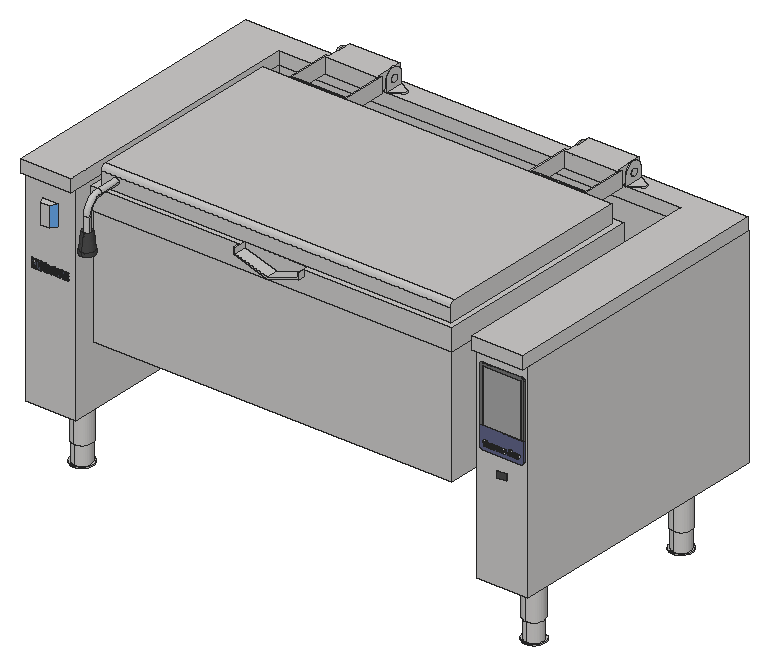
Revit family "QF_ELECTROLUXPROFESSIONAL_587126_PFET17ECIO", category Attrezzature speciali, Revit 2020
Family settings
  Quota connettore circolare = Usa diametro
  Tipo di parte = Normale
  Basato su piano di lavoro = No
  Sempre verticale = Sì
  Taglio con vuoti quando caricato = No
  Condiviso = No
  Punto di calcolo locali = No
Parameters (values of type "Standard")
  Weight = 300.00 kg
  Watts = 20600 W
  Volts = 440 V
  URL Manufacturer = "https://www.electroluxprofessional.com/"
  URL = "https://www.electroluxprofessional.com/"
  Steam Supply Size = 0 mm
  Steam Supply Minimum Pressure = 0.0 Pa
  Steam Supply Maximum Pressure = 0.0 Pa
  Steam Consumption per Hour = 0
  Refrigeration Suction Line Size = 0.0 mm
  Refrigeration Liquid Line Size = 0.0 mm
  Refrigerant Compressor Remote = yes
  Prospetto di default = 0.0 mm
  Produttore = "Electrolux Professional"
  Phase = 3
  Modello = "PFET17ECIO"
  Length Actual = 1600.0 mm  # constant formula
  Item Number = "587126"
  Hot Water Size = 12.7 mm
  Height Actual = 700.0 mm  # constant formula
  HP = "27.6 HP"
  Gas Size = 0 mm
  Gas KW = 0
  Gas Input Pressure = 0 W
  Direct Waste Size = 0 mm
  Descrizione = "ELECTRIC TILTING BRAISING PAN, 170L,440V,FS,MARINE"
  Depth Actual = 900.0 mm  # constant formula
  Cycle = 50 Hz
  Condensate Return Size = 0 mm
  Compressed Air Volume = 0.0 L/s
  Compressed Air Size = 0 mm
  Compressed Air Pressure = 0.0 Pa
  Cold Water Size = 12.7 mm
  Accessory = yes
Reference planes
  plane 1 "Center (Front/Back)": y = 0
  plane 2: z = 0
  plane 3 "Center (Left/Right)": x = 0
  plane 4 "LEFT": x = -800
  plane 5 "RIGHT": x = 800
  plane 6 "BACK": y = 450
  plane 7 "FRONT": y = -450
  plane 8 "Base": z = 200
  plane 9 "TOP": z = 900
  plane 10: x = -640
  plane 11: x = 640
  plane 12 "Axe_PentolaY": y = -230
  plane 13 "AxePentolaZ": z = 730
  plane 14 "PLANE_TOP": z = 860
  plane 15: y = 380
  plane 16: z = 833
  plane 17: z = 455
  plane 18: z = 293
  plane 19: y = -470
  plane 20 "CentroPentolaY": y = -158
  plane 21 "TopCoperchio": z = 958
  plane 22 "Versamento": z = 910
  plane 23 "Gfront": y = -1300
  plane 24 "GRight": x = 250
  plane 25 "GLeft": x = -250
  plane 26 "Gback": y = -100
  plane 27: z = 1845
  plane 28 "Ribaltamento": y = -521
  plane 29 "AxeL": x = -720
  plane 30 "AxeR": x = 720
  plane 31 "Pentola_Back": y = 226
  plane 32 "Pentola_L": x = -570.5
  plane 33 "Pentola_R": x = 570.5
  plane 34: x = -510.5
  plane 35 "axeC1": x = -382
  plane 36 "axeC2": x = 382
Forms (mm)
  Revolve 1, solid, material "QF_Finishes_Stainless Steel"
    sketch origin (0, 0, 730) x (-1, 0, 0) y (0, -1, 0)
      loop
        line (640, 230) -> (-640, 230) -> (-640, 140) -> (-630, 140) -> (-630, 173) -> (630, 173) -> (630, 140) -> (640, 140) -> (640, 230)
      axis (640, 230) -> (-640, 230)
    angle from 0 to 360
  Extrusion 2, solid, material "QF_Finishes_Stainless Steel"
    sketch origin (0, 0, 860) x (-1, 0, 0) y (0, -1, 0)
      loop
        line (800, 450) -> (640, 450) -> (640, -380) -> (-640, -380) -> (-640, 450) -> (-800, 450) -> (-800, -450) -> (800, -450) -> (800, 450)
    from 0 to 40
  Extrusion 3, solid, material "QF_Finishes_Stainless Steel"
    sketch origin (0, 0, 860) x (-1, 0, 0) y (0, -1, 0)
      loop
        line (640, -380) -> (-640, -380) -> (-640, -450) -> (640, -450) -> (640, -380)
    from 0 to -360
  Extrusion 4, solid, material "QF_Finishes_Stainless Steel"
    sketch origin (-382, 0, 0) x (0, 1, 0) y (0, 0, 1)
      loop
        line (438.242, 900) -> (438.242, 931.379)
        arc (438.242, 931.379) -> (409.121, 960.5) -> (380, 931.379) r 29.121
        line (380, 931.379) -> (380, 900) -> (438.242, 900)
    from 80 to 85
  Extrusion 5, solid, material "QF_Finishes_Stainless Steel"
    sketch origin (-182, 3.822, 900) x (0, 1, 0) y (-1, 0, 0)
      loop
        arc (395.078, 80.386) -> (405.299, 74.322) -> (415.519, 80.386) r 11.645
        line (415.519, 80.386) -> (434.42, 115) -> (376.178, 115) -> (395.078, 80.386)
      loop
        line (395.078, 319.614) -> (376.178, 285) -> (434.42, 285) -> (415.519, 319.614)
        arc (415.519, 319.614) -> (405.299, 325.678) -> (395.078, 319.614) r 11.645
    from 0 to 3
  Extrusion 6, solid, material "QF_Door-Drawer Clearances", detail levels coarse
    sketch origin (0, 0, 0) x (0, 1, 0) y (0, 0, 1)
      loop
        line (-415, 958) -> (420, 958) -> (209.062, 1745.23) -> (194.574, 1741.347) -> (180.687, 1793.174)
        arc (180.687, 1793.174) -> (156.279, 1828.463) -> (116.687, 1845) r 76.299
        arc (116.687, 1845) -> (-327.776, 1502.756) -> (-519.112, 975.434) r 1003.531
        line (-519.112, 975.434) -> (-430, 943)
        arc (-430, 943) -> (-425.607, 953.607) -> (-415, 958) r 15
      loop
        arc (-470, 900) -> (-521.02, 709.615) -> (-444, 528.183) r 302.677
        line (-444, 528.183) -> (-444, 833) -> (-450, 833) -> (-450, 847.898) -> (-470, 847.898) -> (-470, 900)
    from 105 to -105
  Extrusion 7, solid, material "QF_Finishes_Stainless Steel"
    sketch origin (0, 0, 0) x (0, 1, 0) y (0, 0, 1)
      loop
        line (226, 833) -> (-444, 833) -> (-444, 455) -> (226, 455) -> (226, 833)
    from -570.5 to 570.5
  Extrusion 8, solid, material "QF_Finishes_Stainless Steel"
    sketch origin (0, 0, 0) x (0, 1, 0) y (0, 0, 1)
      loop
        line (232, 833) -> (232, 900) -> (-450, 900) -> (-450, 833) -> (232, 833)
    from -576.5 to 576.5
  Extrusion 9, void
    sketch origin (0, -450, 0) x (-1, 0, 0) y (0, 0, 1)
      loop
        line (-105, 900) -> (-105, 880) -> (0, 847.898) -> (105, 880) -> (105, 900) -> (-105, 900)
    from 0 to 20
  Extrusion 10, solid, material "QF_Finishes_Stainless Steel"
    sketch origin (0, 0, 0) x (0, 1, 0) y (0, 0, 1)
      loop
        line (212, 958) -> (-415, 958)
        arc (-415, 958) -> (-425.607, 953.607) -> (-430, 943) r 15
        line (-430, 943) -> (-430, 900) -> (212, 900) -> (212, 958)
    from -556.5 to 556.5
  Extrusion 11, solid, material "QF_Finishes_Stainless Steel"
    sketch origin (0, -450, 0) x (-1, 0, 0) y (0, 0, 1)
      loop
        line (105, 880) -> (105, 900) -> (100, 900) -> (100, 883.7) -> (0, 853.127) -> (-100, 883.7) -> (-100, 900) -> (-105, 900) -> (-105, 880) -> (0, 847.898) -> (105, 880)
    from -20 to 20
  Extrusion 12, solid, material "QF_Finishes_Stainless Steel"
    sketch origin (-382, 0, 0) x (0, 1, 0) y (0, 0, 1)
      loop
        line (438.242, 900) -> (438.242, 931.379)
        arc (438.242, 931.379) -> (409.121, 960.5) -> (380, 931.379) r 29.121
        line (380, 931.379) -> (380, 900) -> (438.242, 900)
    from -85 to -80
  Extrusion 13, solid, material "QF_Finishes_Stainless Steel"
    sketch origin (198, 0, 900) x (0, 1, 0) y (-1, 0, 0)
      loop
        line (212, 670) -> (212, 490) -> (355, 490) -> (355, 500) -> (438.242, 500) -> (438.242, 660) -> (355, 660) -> (355, 670) -> (212, 670)
      loop
        line (217, 665) -> (217, 495) -> (345, 495) -> (345, 665) -> (217, 665)
    from 10 to 58
  Extrusion 14, solid, material "QF_Finishes_Stainless Steel"
    sketch origin (-382, 0, 0) x (0, 1, 0) y (0, 0, 1)
      loop
        circle (406.621, 931.379) r 10
    from 90 to 85
  Extrusion 15, solid, material "QF_Finishes_Stainless Steel"
    sketch origin (-382, 0, 0) x (0, 1, 0) y (0, 0, 1)
      loop
        circle (406.621, 931.379) r 10
    from -85 to -90
  Extrusion 16, solid, material "QF_Finishes_Stainless Steel"
    sketch origin (382, 0, 0) x (0, 1, 0) y (0, 0, -1)
      loop
        line (438.242, -900) -> (380, -900) -> (380, -931.379)
        arc (380, -931.379) -> (409.121, -960.5) -> (438.242, -931.379) r 29.121
        line (438.242, -931.379) -> (438.242, -900)
    from 80 to 85
  Extrusion 17, solid, material "QF_Finishes_Stainless Steel"
    sketch origin (182, 3.822, 900) x (0, 1, 0) y (-1, 0, 0)
      loop
        line (395.078, -80.386) -> (376.178, -115) -> (434.42, -115) -> (415.519, -80.386)
        arc (415.519, -80.386) -> (405.299, -74.322) -> (395.078, -80.386) r 11.645
      loop
        arc (395.078, -319.614) -> (405.299, -325.678) -> (415.519, -319.614) r 11.645
        line (415.519, -319.614) -> (434.42, -285) -> (376.178, -285) -> (395.078, -319.614)
    from 0 to 3
  Extrusion 18, solid, material "QF_Finishes_Stainless Steel"
    sketch origin (382, 0, 0) x (0, 1, 0) y (0, 0, -1)
      loop
        line (438.242, -900) -> (380, -900) -> (380, -931.379)
        arc (380, -931.379) -> (409.121, -960.5) -> (438.242, -931.379) r 29.121
        line (438.242, -931.379) -> (438.242, -900)
    from -85 to -80
  Extrusion 19, solid, material "QF_Finishes_Stainless Steel"
    sketch origin (-198, 0, 900) x (0, 1, 0) y (-1, 0, 0)
      loop
        line (212, -670) -> (355, -670) -> (355, -660) -> (438.242, -660) -> (438.242, -500) -> (355, -500) -> (355, -490) -> (212, -490) -> (212, -670)
      loop
        line (217, -665) -> (345, -665) -> (345, -495) -> (217, -495) -> (217, -665)
    from 10 to 58
  Extrusion 20, solid, material "QF_Finishes_Stainless Steel"
    sketch origin (382, 0, 0) x (0, 1, 0) y (0, 0, -1)
      loop
        circle (406.621, -931.379) r 10
    from 90 to 85
  Extrusion 21, solid, material "QF_Finishes_Stainless Steel"
    sketch origin (382, 0, 0) x (0, 1, 0) y (0, 0, -1)
      loop
        circle (406.621, -931.379) r 10
    from -85 to -90
Cuts and joins
  Extrusion 9 cuts Extrusion 8
  joined: Extrusion 8, Extrusion 11
Lines and regions (mm)
  symbolic lines
    curve 1: line (800, 450, 900) -> (-800, 450, 900)
    curve 2: line (800, -450, 900) -> (800, 450, 900)
    curve 3: line (-800, 450, 900) -> (-800, -450, 900)
    curve 4: line (-800, -450, 900) -> (-640, -450, 900)
    curve 5: line (-640, -450, 900) -> (-640, 450, 900)
    curve 6: line (640, -450, 900) -> (800, -450, 900)
    curve 7: line (630, -140, 900) -> (630, -320, 900)
    curve 8: line (-630, -140, 900) -> (-630, -320, 900)
    curve 9: line (-630, -140, 900) -> (-640, -140, 900)
    curve 10: line (-630, -320, 900) -> (-640, -320, 900)
    curve 11: line (630, -140, 900) -> (640, -140, 900)
    curve 12: line (630, -320, 900) -> (640, -320, 900)
    curve 18: line (-630, -172.761, 900) -> (-575.169, -172.761, 900)
    curve 19: line (-630, -286.868, 900) -> (-576.5, -286.868, 900)
    curve 20: line (630, -172.761, 900) -> (576.5, -172.761, 900)
    curve 21: line (630, -286.868, 900) -> (576.5, -286.868, 900)
    curve 46: line (-556.5, -430, 900) -> (556.5, -430, 900)
    curve 47: line (-501.5, -450, 900) -> (-100, -450, 900)
    curve 53: line (100, -450, 900) -> (576.5, -450, 900)
    curve 54: line (-472, 232, 900) -> (-576.5, 232, 900)
    curve 55: line (292, 232, 900) -> (-292, 232, 900)
    curve 56: line (-640, 380, 900) -> (-462, 380, 900)
    curve 57: line (640, 450, 900) -> (640, -450, 900)
    curve 58: line (-472, 355, 900) -> (-472, 212, 900)
    curve 59: line (-467, 217, 900) -> (-467, 345, 900)
    curve 60: line (-467, 345, 900) -> (-297, 345, 900)
    curve 61: line (-297, 345, 900) -> (-297, 217, 900)
    curve 62: line (-292, 212, 900) -> (-292, 355, 900)
    curve 63: line (-297, 217, 900) -> (-467, 217, 900)
    curve 64: line (292, 355, 900) -> (292, 232, 900)
    curve 65: line (297, 217, 900) -> (297, 345, 900)
    curve 66: line (467, 217, 900) -> (297, 217, 900)
    curve 67: line (467, 345, 900) -> (467, 217, 900)
    curve 68: line (472, 212, 900) -> (472, 355, 900)
    curve 69: line (297, 345, 900) -> (467, 345, 900)
    curve 70: line (-462, 355, 900) -> (-472, 355, 900)
    curve 71: line (-292, 355, 900) -> (-302, 355, 900)
    curve 72: line (-302, 355, 900) -> (-302, 438.242, 900)
    curve 73: line (-462, 438.242, 900) -> (-462, 355, 900)
    curve 74: line (-297, 438.242, 900) -> (-467, 438.242, 900)
    curve 75: line (472, 355, 900) -> (462, 355, 900)
    curve 76: line (302, 355, 900) -> (292, 355, 900)
    curve 77: line (302, 438.242, 900) -> (302, 380, 900)
    curve 78: line (462, 355, 900) -> (462, 380, 900)
    curve 79: line (262.386, 398.901, 900) -> (297, 380, 900)
    curve 80: line (297, 438.242, 900) -> (262.386, 419.341, 900)
    curve 81: arc (262.386, 419.341, 900) -> (256.322, 409.121, 900) -> (262.386, 398.901, 900) r 11.645
    curve 82: line (292, 416.621, 900) -> (292, 396.621, 900)
    curve 83: line (297, 438.242, 900) -> (297, 380, 900)
    curve 84: line (462, 438.242, 900) -> (302, 438.242, 900)
    curve 85: line (467, 380, 900) -> (467, 438.242, 900)
    curve 86: line (472, 396.621, 900) -> (472, 416.621, 900)
    curve 87: line (501.614, 419.341, 900) -> (467, 438.242, 900)
    curve 88: line (467, 380, 900) -> (501.614, 398.901, 900)
    curve 89: arc (501.614, 398.901, 900) -> (507.678, 409.121, 900) -> (501.614, 419.341, 900) r 11.645
    curve 90: line (-467, 438.242, 900) -> (-501.614, 419.341, 900)
    curve 91: arc (-501.614, 419.341, 900) -> (-507.678, 409.121, 900) -> (-501.614, 398.901, 900) r 11.645
    curve 92: line (-501.614, 398.901, 900) -> (-467, 380, 900)
    curve 93: line (-472, 416.621, 900) -> (-472, 396.621, 900)
    curve 94: line (-467, 438.242, 900) -> (-467, 380, 900)
    curve 95: line (-297, 380, 900) -> (-297, 438.242, 900)
    curve 96: line (-292, 396.621, 900) -> (-292, 416.621, 900)
    curve 97: line (-297, 380, 900) -> (-262.386, 398.901, 900)
    curve 98: arc (-262.386, 398.901, 900) -> (-256.322, 409.121, 900) -> (-262.386, 419.341, 900) r 11.645
    curve 99: line (-262.386, 419.341, 900) -> (-297, 438.242, 900)
    curve 100: line (-472, 416.621, 900) -> (-467, 416.621, 900)
    curve 101: line (-472, 396.621, 900) -> (-467, 396.621, 900)
    curve 102: line (-297, 396.621, 900) -> (-292, 396.621, 900)
    curve 103: line (-297, 416.621, 900) -> (-292, 416.621, 900)
    curve 104: line (292, 416.621, 900) -> (297, 416.621, 900)
    curve 105: line (292, 396.621, 900) -> (297, 396.621, 900)
    curve 106: line (472, 416.621, 900) -> (467, 416.621, 900)
    curve 107: line (472, 396.621, 900) -> (467, 396.621, 900)
    curve 108: line (302, 380, 900) -> (302, 355, 900)
    curve 109: line (462, 380, 900) -> (462, 438.242, 900)
    curve 110: line (-302, 380, 900) -> (302, 380, 900)
    curve 111: line (462, 380, 900) -> (640, 380, 900)
    curve 112: line (-467, 232, 900) -> (-297, 232, 900)
    curve 113: line (292, 232, 900) -> (292, 212, 900)
    curve 114: line (297, 232, 900) -> (467, 232, 900)
    curve 115: line (472, 232, 900) -> (576.5, 232, 900)
  symbolic lines, style "SpecialityEquipmentHiddenLines"
    curve 13: line (-250, -1300, 900) -> (250, -1300, 900)
    curve 14: line (-250, -100, 900) -> (-250, -1300, 900)
    curve 15: line (250, -100, 900) -> (-250, -100, 900)
    curve 16: line (250, -1300, 900) -> (250, -100, 900)
    curve 38: line (0, -1165.484, 900) -> (0, -1135.484, 900)
    curve 39: line (-15, -1150.484, 900) -> (15, -1150.484, 900)
  symbolic lines, style "SpecialityEquipment"
    curve 17: circle (0, -1150.484, 900) r 15 normal (0, 0, 1)
    curve 22: line (210, -1300, 900) -> (210, -1100, 900)
    curve 23: line (170, -1300, 900) -> (170, -1140, 900)
    curve 24: line (130, -1300, 900) -> (130, -1180, 900)
    curve 25: line (90, -1300, 900) -> (90, -1220, 900)
    curve 26: line (90, -1260, 900) -> (250, -1260, 900)
    curve 27: line (130, -1220, 900) -> (250, -1220, 900)
    curve 28: line (170, -1180, 900) -> (250, -1180, 900)
    curve 29: line (210, -1140, 900) -> (250, -1140, 900)
    curve 30: line (-210, -1300, 900) -> (-210, -1100, 900)
    curve 31: line (-170, -1300, 900) -> (-170, -1140, 900)
    curve 32: line (-130, -1300, 900) -> (-130, -1180, 900)
    curve 33: line (-90, -1300, 900) -> (-90, -1220, 900)
    curve 34: line (-90, -1260, 900) -> (-250, -1260, 900)
    curve 35: line (-130, -1220, 900) -> (-250, -1220, 900)
    curve 36: line (-170, -1180, 900) -> (-250, -1180, 900)
    curve 37: line (-210, -1140, 900) -> (-250, -1140, 900)
    curve 40: line (-556.5, 212, 900) -> (-556.5, -430, 900)
    curve 41: line (556.5, -430, 900) -> (556.5, 212, 900)
    curve 42: line (556.5, 212, 900) -> (-556.5, 212, 900)
    curve 43: line (-576.5, 232, 900) -> (-576.5, -450, 900)
    curve 44: line (-576.5, -450, 900) -> (-519.5, -450, 900)
    curve 45: line (576.5, -450, 900) -> (576.5, 232, 900)
    curve 48: line (-100, -430, 900) -> (-100, -470, 900)
    curve 49: line (-105, -470, 900) -> (105, -470, 900)
    curve 50: line (100, -470, 900) -> (100, -430, 900)
    curve 51: line (105, -470, 900) -> (105, -450, 900)
    curve 52: line (-105, -450, 900) -> (-105, -470, 900)
Dimensions and locks
  plane 4 "LEFT" to plane 5 "RIGHT" = 1600.0 mm
  equal spacing: plane 4 "LEFT", plane 3 "Center (Left/Right)", plane 5 "RIGHT"
  equal spacing: plane 6 "BACK", plane 1 "Center (Front/Back)", plane 7 "FRONT"
  plane 6 "BACK" to plane 7 "FRONT" = 900.0 mm
  plane 8 "Base" to level = 200.0 mm
  plane 9 "TOP" to level = 900.0 mm
  plane 9 "TOP" to plane 8 "Base" = 700.0 mm
  locked: plane 4 "LEFT" to plane 10 at 160
  locked: plane 11 to plane 5 "RIGHT" at 160
  locked: plane 6 "BACK" to plane 12 "Axe_PentolaY" at 680
  locked: plane 13 "AxePentolaZ" to plane 8 "Base" at 530
  locked: Revolve 1 sketch curve to Revolve 1 sketch curve at 57
  locked: Revolve 1 sketch curve to Revolve 1 sketch curve at 90
  locked: plane 10 to Revolve 1 sketch curve at 10
  locked: Revolve 1 sketch curve to plane 11 at 10
  locked: plane 9 "TOP" to plane 14 "PLANE_TOP" at 40
  plane 6 "BACK" to plane 15 = 70.0 mm
  locked: plane 16 to plane 13 "AxePentolaZ" at 103
  locked: plane 13 "AxePentolaZ" to plane 17 at 275
  locked: plane 17 to plane 18 at 162
  plane 6 "BACK" to plane 19 = 920.0 mm
  locked: plane 6 "BACK" to plane 20 "CentroPentolaY" at 608
  locked: plane 21 "TopCoperchio" to plane 9 "TOP" at 58
  locked: plane 22 "Versamento" to level at 910
  plane 6 "BACK" to plane 23 "Gfront" = 1750.0 mm
  locked: plane 25 "GLeft" to plane 3 "Center (Left/Right)" at 250
  locked: plane 3 "Center (Left/Right)" to plane 24 "GRight" at 250
  plane 6 "BACK" to plane 26 "Gback" = 550.0 mm
  plane 27 to plane 9 "TOP" = 945.0 mm
  plane 6 "BACK" to plane 28 "Ribaltamento" = 971.0 mm
  equal spacing: plane 10, plane 29 "AxeL", plane 4 "LEFT"
  equal spacing: plane 5 "RIGHT", plane 30 "AxeR", plane 11
  locked: plane 33 "Pentola_R" to plane 32 "Pentola_L" at 1141
  equal spacing: plane 33 "Pentola_R", plane 3 "Center (Left/Right)", plane 32 "Pentola_L"
  locked: Extrusion 8 sketch curve to plane 31 "Pentola_Back" at 6
  plane 31 "Pentola_Back" to plane 12 "Axe_PentolaY" = 456.0 mm
  locked: plane 34 to plane 32 "Pentola_L" at 60
  plane 4 "LEFT" to plane 35 "axeC1" = 418.0 mm
  plane 36 "axeC2" to plane 5 "RIGHT" = 418.0 mm
  locked: cut or joined group of Extrusion 8, Extrusion 9, Extrusion 11 to plane 33 "Pentola_R" at 6
  locked: plane 32 "Pentola_L" to cut or joined group of Extrusion 8, Extrusion 9, Extrusion 11 at 6
  locked: Extrusion 10 to plane 32 "Pentola_L" at 14
  locked: plane 33 "Pentola_R" to Extrusion 10 at 14
  aligned and locked: level to plane 2
  aligned and locked: plane 5 "RIGHT" to nested 2
  aligned and locked: plane 4 "LEFT" to nested 1
  aligned and locked: plane 8 "Base" to nested 1
  aligned and locked: plane 6 "BACK" to nested 2
  aligned and locked: plane 10 to Revolve 1 sketch curve
  aligned and locked: plane 11 to Revolve 1 sketch curve
  aligned and locked: plane 4 "LEFT" to Extrusion 2 sketch curve
  aligned and locked: Extrusion 2 sketch curve to plane 10
  aligned and locked: plane 7 "FRONT" to Extrusion 2 sketch curve  (x2)
  aligned and locked: Extrusion 2 sketch curve to plane 5 "RIGHT"
  aligned and locked: plane 11 to Extrusion 2 sketch curve
  aligned and locked: Extrusion 2 sketch curve to plane 6 "BACK"
  aligned and locked: plane 15 to Extrusion 2 sketch curve
  aligned and locked: Extrusion 3 sketch curve to plane 10
  aligned and locked: plane 6 "BACK" to Extrusion 3 sketch curve
  aligned and locked: plane 11 to Extrusion 3 sketch curve
  aligned and locked: Extrusion 3 sketch curve to plane 15
  aligned and locked: curve 13 to plane 23 "Gfront"
  aligned and locked: curve 14 to plane 25 "GLeft"
  aligned and locked: plane 24 "GRight" to curve 16
  aligned and locked: plane 26 "Gback" to curve 15
  aligned and locked: plane 30 "AxeR" to nested 3
  aligned and locked: plane 17 to Extrusion 7 sketch curve
  aligned and locked: Extrusion 8 sketch curve to plane 16
  aligned and locked: plane 9 "TOP" to Extrusion 8 sketch curve
  aligned and locked: Extrusion 7 to plane 32 "Pentola_L"
  aligned and locked: plane 33 "Pentola_R" to Extrusion 7
  aligned and locked: plane 34 to nested 4
  aligned and locked: plane 29 "AxeL" to nested 5
Automatic sketch dimensions
  plane 12 "Axe_PentolaY" to Revolve 1 sketch curve = 0.0 mm
  Revolve 1 sketch curve to plane 12 "Axe_PentolaY" = 0.0 mm
  plane 20 "CentroPentolaY" to Revolve 1 sketch curve = 18.0 mm
  plane 5 "RIGHT" to Revolve 1 sketch curve = 432.098 mm
  Revolve 1 sketch curve to plane 4 "LEFT" = 580.148 mm
  Extrusion 4 sketch curve to plane 9 "TOP" = 0.0 mm
  Extrusion 4 sketch curve to plane 15 = 0.0 mm
  plane 15 to Extrusion 4 sketch curve = 29.121 mm
  plane 22 "Versamento" to Extrusion 4 sketch curve = 21.379 mm
  Extrusion 5 sketch curve to plane 15 = 0.0 mm  (x2)
  plane 34 to Extrusion 5 sketch curve = 8.886 mm  (x2)
  plane 15 to Extrusion 5 sketch curve = 18.901 mm  (x2)
  Extrusion 5 sketch curve to Extrusion 5 sketch curve = 10.22 mm  (x3)
  Extrusion 5 sketch curve to plane 25 "GLeft" = 12.386 mm
  Extrusion 5 sketch curve to plane 6 "BACK" = 11.758 mm  (x2)
  Extrusion 5 sketch curve to Extrusion 5 sketch curve = 5.581 mm  (x2)
  Extrusion 5 sketch curve to Extrusion 5 sketch curve = 34.614 mm  (x2)
  Extrusion 6 sketch curve to plane 9 "TOP" = 0.0 mm
  Extrusion 6 sketch curve to plane 19 = 0.0 mm
  Extrusion 6 sketch curve to plane 7 "FRONT" = 0.0 mm
  Extrusion 6 sketch curve to plane 16 = 0.0 mm
  Extrusion 6 sketch curve to plane 21 "TopCoperchio" = 0.0 mm
  Extrusion 6 sketch curve to plane 27 = 0.0 mm
  plane 28 "Ribaltamento" to Extrusion 6 sketch curve = 1.888 mm
  Extrusion 6 sketch curve to Extrusion 6 sketch curve = 6.0 mm
  plane 7 "FRONT" to Extrusion 6 sketch curve = 20.0 mm
  Extrusion 6 sketch curve to plane 21 "TopCoperchio" = 15.0 mm
  plane 13 "AxePentolaZ" to Extrusion 6 sketch curve = 0.728 mm
  plane 12 "Axe_PentolaY" to Extrusion 6 sketch curve = 10.919 mm
  Extrusion 6 sketch curve to plane 1 "Center (Front/Back)" = 108.263 mm
  Extrusion 6 sketch curve to plane 31 "Pentola_Back" = 45.313 mm
  Extrusion 6 sketch curve to plane 31 "Pentola_Back" = 31.426 mm
  Extrusion 6 sketch curve to Extrusion 6 sketch curve = 14.489 mm
  Extrusion 6 sketch curve to plane 6 "BACK" = 30.0 mm
  plane 22 "Versamento" to Extrusion 6 sketch curve = 0.445 mm
  plane 6 "BACK" to Extrusion 6 sketch curve = 32.313 mm
  Extrusion 6 sketch curve to plane 14 "PLANE_TOP" = 12.102 mm
  plane 21 "TopCoperchio" to Extrusion 6 sketch curve = 17.434 mm
  Extrusion 6 sketch curve to plane 27 = 103.653 mm
  Extrusion 7 sketch curve to plane 16 = 0.0 mm
  Extrusion 7 sketch curve to plane 31 "Pentola_Back" = 0.0 mm
  plane 7 "FRONT" to Extrusion 7 sketch curve = 6.0 mm
  Extrusion 8 sketch curve to plane 7 "FRONT" = 0.0 mm
  Extrusion 9 sketch curve to plane 9 "TOP" = 0.0 mm
  Extrusion 9 sketch curve to plane 3 "Center (Left/Right)" = 0.0 mm
  plane 3 "Center (Left/Right)" to Extrusion 9 sketch curve = 105.0 mm
  Extrusion 9 sketch curve to plane 9 "TOP" = 20.0 mm  (x2)
  Extrusion 9 sketch curve to plane 3 "Center (Left/Right)" = 105.0 mm
  Extrusion 9 sketch curve to plane 14 "PLANE_TOP" = 12.102 mm
  Extrusion 10 sketch curve to plane 9 "TOP" = 0.0 mm
  Extrusion 10 sketch curve to plane 21 "TopCoperchio" = 0.0 mm
  plane 7 "FRONT" to Extrusion 10 sketch curve = 20.0 mm
  Extrusion 10 sketch curve to Extrusion 10 sketch curve = 15.0 mm
  Extrusion 10 sketch curve to plane 31 "Pentola_Back" = 14.0 mm
  Extrusion 11 sketch curve to plane 9 "TOP" = 0.0 mm  (x2)
  Extrusion 11 sketch curve to plane 3 "Center (Left/Right)" = 0.0 mm  (x2)
  plane 3 "Center (Left/Right)" to Extrusion 11 sketch curve = 100.0 mm
  Extrusion 11 sketch curve to Extrusion 11 sketch curve = 5.0 mm  (x2)
  Extrusion 11 sketch curve to plane 9 "TOP" = 16.3 mm
  Extrusion 11 sketch curve to plane 3 "Center (Left/Right)" = 100.0 mm
  Extrusion 11 sketch curve to plane 9 "TOP" = 20.0 mm  (x2)
  Extrusion 11 sketch curve to plane 14 "PLANE_TOP" = 6.873 mm
  Extrusion 11 sketch curve to Extrusion 11 sketch curve = 5.228 mm
  Extrusion 11 sketch curve to Extrusion 11 sketch curve = 3.7 mm
  Extrusion 12 sketch curve to plane 9 "TOP" = 0.0 mm
  Extrusion 12 sketch curve to plane 15 = 0.0 mm
  plane 15 to Extrusion 12 sketch curve = 29.121 mm
  plane 22 "Versamento" to Extrusion 12 sketch curve = 21.379 mm
  Extrusion 13 sketch curve to plane 31 "Pentola_Back" = 14.0 mm
  Extrusion 13 sketch curve to Extrusion 13 sketch curve = 5.0 mm  (x4)
  Extrusion 13 sketch curve to plane 15 = 35.0 mm
  Extrusion 13 sketch curve to Extrusion 13 sketch curve = 10.0 mm  (x3)
  Extrusion 13 sketch curve to plane 6 "BACK" = 11.758 mm
  Extrusion 13 sketch curve to plane 25 "GLeft" = 42.0 mm
  plane 34 to Extrusion 13 sketch curve = 48.5 mm
  plane 15 to Extrusion 14 sketch curve = 26.621 mm
  plane 22 "Versamento" to Extrusion 14 sketch curve = 21.379 mm
  plane 15 to Extrusion 15 sketch curve = 26.621 mm
  plane 22 "Versamento" to Extrusion 15 sketch curve = 21.379 mm
  Extrusion 16 sketch curve to plane 9 "TOP" = 0.0 mm
  Extrusion 16 sketch curve to plane 15 = 0.0 mm
  Extrusion 16 sketch curve to Extrusion 16 sketch curve = 29.121 mm
  plane 22 "Versamento" to Extrusion 16 sketch curve = 21.379 mm
  Extrusion 17 sketch curve to plane 15 = 0.0 mm  (x2)
  Extrusion 17 sketch curve to plane 15 = 18.901 mm  (x2)
  Extrusion 17 sketch curve to Extrusion 17 sketch curve = 10.22 mm  (x4)
  Extrusion 17 sketch curve to plane 24 "GRight" = 12.386 mm
  plane 6 "BACK" to Extrusion 17 sketch curve = 11.758 mm  (x2)
  Extrusion 17 sketch curve to Extrusion 17 sketch curve = 5.581 mm  (x2)
  Extrusion 17 sketch curve to Extrusion 17 sketch curve = 34.614 mm
  Extrusion 17 sketch curve to plane 36 "axeC2" = 85.0 mm
  Extrusion 17 sketch curve to Extrusion 17 sketch curve = 29.033 mm
  Extrusion 18 sketch curve to plane 9 "TOP" = 0.0 mm
  Extrusion 18 sketch curve to plane 15 = 0.0 mm
  Extrusion 18 sketch curve to Extrusion 18 sketch curve = 29.121 mm
  plane 22 "Versamento" to Extrusion 18 sketch curve = 21.379 mm
  plane 31 "Pentola_Back" to Extrusion 19 sketch curve = 14.0 mm
  Extrusion 19 sketch curve to Extrusion 19 sketch curve = 5.0 mm  (x4)
  plane 15 to Extrusion 19 sketch curve = 35.0 mm
  Extrusion 19 sketch curve to Extrusion 19 sketch curve = 10.0 mm  (x3)
  plane 6 "BACK" to Extrusion 19 sketch curve = 11.758 mm
  Extrusion 19 sketch curve to plane 24 "GRight" = 42.0 mm
  Extrusion 19 sketch curve to plane 36 "axeC2" = 80.0 mm
  plane 15 to Extrusion 20 sketch curve = 26.621 mm
  plane 22 "Versamento" to Extrusion 20 sketch curve = 21.379 mm
  plane 15 to Extrusion 21 sketch curve = 26.621 mm
  plane 22 "Versamento" to Extrusion 21 sketch curve = 21.379 mm
  curve 38 to plane 3 "Center (Left/Right)" = 0.0 mm
  curve 17 to plane 3 "Center (Left/Right)" = 0.0 mm
  curve 52 to plane 19 = 0.0 mm
  curve 51 to plane 7 "FRONT" = 0.0 mm
  curve 52 to plane 7 "FRONT" = 0.0 mm
  curve 44 to plane 7 "FRONT" = 0.0 mm
  curve 2 to plane 5 "RIGHT" = 0.0 mm
  curve 2 to plane 7 "FRONT" = 0.0 mm
  curve 3 to plane 4 "LEFT" = 0.0 mm
  curve 3 to plane 7 "FRONT" = 0.0 mm
  curve 12 to plane 11 = 0.0 mm
  curve 10 to plane 10 = 0.0 mm
  curve 111 to plane 15 = 0.0 mm
  curve 56 to plane 15 = 0.0 mm
  curve 110 to plane 15 = 0.0 mm
  curve 5 to plane 6 "BACK" = 0.0 mm
  plane 23 "Gfront" to curve 17 = 149.516 mm
  plane 7 "FRONT" to curve 40 = 20.0 mm
  plane 10 to curve 8 = 10.0 mm
  curve 8 to plane 12 "Axe_PentolaY" = 90.0 mm
  curve 7 to plane 11 = 10.0 mm
  curve 7 to plane 12 "Axe_PentolaY" = 90.0 mm
  plane 20 "CentroPentolaY" to curve 8 = 18.0 mm
  plane 20 "CentroPentolaY" to curve 7 = 18.0 mm
  curve 42 to plane 31 "Pentola_Back" = 14.0 mm
  curve 68 to curve 67 = 5.0 mm  (x2)
  curve 62 to curve 63 = 5.0 mm
  plane 31 "Pentola_Back" to curve 64 = 6.0 mm
  plane 31 "Pentola_Back" to curve 43 = 6.0 mm
  curve 60 to curve 95 = 35.0 mm
  curve 65 to plane 15 = 35.0 mm
  curve 65 to curve 64 = 10.0 mm
  curve 67 to curve 68 = 10.0 mm
  curve 60 to curve 62 = 10.0 mm
  curve 59 to curve 58 = 10.0 mm
  plane 15 to curve 105 = 16.621 mm
  plane 15 to curve 102 = 16.621 mm
  plane 15 to curve 86 = 16.621 mm
  plane 15 to curve 101 = 16.621 mm
  plane 15 to curve 88 = 18.901 mm
  plane 34 to curve 92 = 8.886 mm
  plane 15 to curve 92 = 18.901 mm
  plane 15 to curve 79 = 18.901 mm
  plane 15 to curve 97 = 18.901 mm
  curve 89 to curve 89 = 10.22 mm
  curve 81 to curve 81 = 10.22 mm
  curve 98 to curve 98 = 10.22 mm
  curve 91 to curve 91 = 10.22 mm
  curve 82 to curve 82 = 20.0 mm
  curve 96 to curve 96 = 20.0 mm
  curve 86 to curve 106 = 20.0 mm
  curve 93 to curve 93 = 20.0 mm
  plane 24 "GRight" to curve 80 = 12.386 mm
  curve 81 to curve 80 = 10.22 mm
  curve 89 to curve 87 = 10.22 mm
  plane 34 to curve 90 = 8.886 mm
  curve 99 to plane 25 "GLeft" = 12.386 mm
  curve 98 to curve 99 = 10.22 mm
  curve 84 to plane 6 "BACK" = 11.758 mm
  curve 84 to curve 85 = 0.0 mm
  curve 95 to plane 6 "BACK" = 11.758 mm
  curve 83 to curve 77 = 0.0 mm
  plane 33 "Pentola_R" to curve 45 = 6.0 mm
  curve 42 to plane 33 "Pentola_R" = 14.0 mm
  curve 88 to plane 33 "Pentola_R" = 68.886 mm
  curve 87 to curve 89 = 5.581 mm
  curve 89 to curve 86 = 24.033 mm
  curve 75 to curve 86 = 0.0 mm
  curve 86 to curve 85 = 5.0 mm
  curve 68 to curve 78 = 10.0 mm
  curve 84 to curve 81 = 39.614 mm
  plane 24 "GRight" to curve 66 = 47.0 mm
  curve 77 to curve 80 = 5.0 mm
  curve 105 to curve 105 = 5.0 mm
  curve 114 to curve 55 = 5.0 mm
  curve 81 to curve 81 = 5.581 mm
  plane 3 "Center (Left/Right)" to curve 51 = 105.0 mm
  curve 49 to plane 3 "Center (Left/Right)" = 105.0 mm
  curve 98 to curve 98 = 5.581 mm
  curve 98 to curve 96 = 24.033 mm
  curve 62 to curve 96 = 0.0 mm
  curve 96 to curve 99 = 5.0 mm
  curve 62 to curve 61 = 5.0 mm
  curve 62 to curve 71 = 10.0 mm
  plane 34 to curve 73 = 48.5 mm
  curve 73 to curve 90 = 5.0 mm
  plane 34 to curve 63 = 43.5 mm
  curve 101 to curve 93 = 5.0 mm
  curve 70 to curve 58 = 10.0 mm
  curve 91 to curve 90 = 5.581 mm
  plane 32 "Pentola_L" to curve 46 = 14.0 mm
  curve 54 to plane 32 "Pentola_L" = 6.0 mm
  curve 13 to curve 26 = 40.0 mm
  curve 33 to curve 34 = 40.0 mm
  curve 26 to curve 27 = 40.0 mm
  curve 34 to curve 35 = 40.0 mm
  curve 35 to curve 33 = 0.0 mm
  curve 25 to curve 27 = 0.0 mm
  curve 27 to curve 28 = 40.0 mm
  curve 24 to curve 28 = 0.0 mm
  curve 35 to curve 32 = 40.0 mm
  curve 36 to curve 32 = 0.0 mm
  curve 38 to curve 17 = 15.0 mm
  curve 17 to curve 39 = 0.0 mm
  curve 28 to curve 29 = 40.0 mm
  curve 36 to curve 31 = 40.0 mm
  curve 28 to curve 23 = 40.0 mm
  curve 37 to curve 31 = 0.0 mm
  curve 37 to curve 30 = 40.0 mm
  curve 29 to curve 22 = 40.0 mm
  curve 8 to curve 19 = 33.132 mm
  curve 7 to curve 21 = 33.132 mm
  curve 20 to plane 20 "CentroPentolaY" = 14.761 mm
  curve 18 to plane 20 "CentroPentolaY" = 14.761 mm
  curve 54 to curve 112 = 0.0 mm
  plane 31 "Pentola_Back" to curve 115 = 6.0 mm
  curve 114 to curve 115 = 0.0 mm
  curve 113 to curve 55 = 0.0 mm
  curve 22 to plane 24 "GRight" = 40.0 mm
  curve 22 to curve 23 = 40.0 mm
  curve 28 to curve 27 = 40.0 mm
  curve 51 to curve 53 = 5.0 mm
  curve 27 to curve 25 = 40.0 mm
  curve 33 to plane 3 "Center (Left/Right)" = 90.0 mm
  curve 47 to curve 52 = 5.0 mm
  curve 33 to curve 35 = 40.0 mm
  curve 32 to curve 31 = 40.0 mm
  curve 37 to curve 37 = 40.0 mm
  plane 34 to curve 47 = 9.0 mm
  curve 44 to plane 34 = 9.0 mm
  curve 18 to plane 32 "Pentola_L" = 4.669 mm
  radius of Extrusion 14 sketch curve = 10.0 mm
  radius of Extrusion 15 sketch curve = 10.0 mm
  radius of Extrusion 20 sketch curve = 10.0 mm
  radius of Extrusion 21 sketch curve = 10.0 mm
Nested families
  nested 1: "QF_ELECTROLUXPROFESSIONAL_PBOTNB900_LEFT" at (-720, 0, 0), type "QF_ELECTROLUXPROFESSIONAL_PBOTNB900_LEFT"
    with Body Finish QF_Finishes_Stainless Steel
  nested 2: "QF_ELECTROLUXPROFESSIONAL_PBOTNB900_RIGHT" at (720, 0, 0), type "QF_ELECTROLUXPROFESSIONAL_PBOTNB900_RIGHT"
    with Body Finish QF_Finishes_Stainless Steel
  nested 3: "QF_ELECTROLUXPROFESSIONAL_2FEET_THL_120xH200" at (720, 0, 0), type "QF_ELECTROLUXPROFESSIONAL_2FEET_THL_120xH200"
  nested 4: "QF_ELECTROLUXPROFESSIONAL_PFET900_LEVEL1" at (-510.5, -430, 927.803), type "QF_ELECTROLUXPROFESSIONAL_PFET900_LEVEL1"
  nested 5: "QF_ELECTROLUXPROFESSIONAL_2FEET_THL_120xH200" at (-720, 0, 0), type "QF_ELECTROLUXPROFESSIONAL_2FEET_THL_120xH200"
Connectors
  piping at (-750, 453, 395), diameter 12.7, driven by "Hot Water Size"
    settings: on nested 1, index 1, connector inside diameter 609.6 mm, connector length 0.0 mm, flow factor 0, pipe flow 0.0 L/s, pressure drop 0.0 Pa, fitting loss kfactor 0, connector angle 0.00°, fixture units 0, engagement length 0.0 mm, angle of deflection 0.00°, flow configuration 1, flow direction 1, fitting loss method 0, system type 19, joint type 0, gender type 0, connector reference index -1, connector utility 0, adjustable connector no, is connector primary yes, connector description "Hot Water Inlet"
  piping at (-690, 453, 395), diameter 12.7, driven by "Cold Water Size"
    settings: on nested 1, index 2, connector inside diameter 609.6 mm, connector length 0.0 mm, flow factor 0, pipe flow 0.0 L/s, pressure drop 0.0 Pa, fitting loss kfactor 0, connector angle 0.00°, fixture units 0, engagement length 0.0 mm, angle of deflection 0.00°, flow configuration 1, flow direction 1, fitting loss method 0, system type 20, joint type 0, gender type 0, connector reference index -1, connector utility 0, adjustable connector no, is connector primary no, connector description "Cold Water Inlet"
  electrical at (720, 450, 450), driven by "Volts"
    settings: on nested 2, index 3, voltage 440 V, apparent load 0 VA, apparent load phase1 0 VA, apparent load phase2 0 VA, apparent load phase3 0 VA, power factor 1, load classification "Other", number of poles 1, system type 30, power factor state 1, is connector primary yes, connector utility no, sub classification motor no, connector description "Electrical Connection"
Definition of nested family "QF_ELECTROLUXPROFESSIONAL_PBOTNB900_LEFT"
  Parameters
    Width = 160.0 mm
    Right = Width / 2  # 80.0 mm
    Default Elevation = 0.0 mm
    Left = -Width / 2  # -80.0 mm
    Htop = 40.0 mm
    Height = 900.0 mm
    HW_CW_z = 195.0 mm
    HW_CW_y = 312.0 mm
    HW_CW_Border = 50.0 mm
    HBase = 200.0 mm
    Depth = 900.0 mm
    BorderFront = 20.0 mm
    Body Finish [instance] = none
  Reference planes
    plane 1 "Center (Front/Back)": y = 0
    plane 2: z = 0
    plane 3 "Center (Left/Right)": x = 0
    plane 4 "LEFT": x = -80
    plane 5 "RIGHT": x = 80
    plane 6 "BACK": y = 450
    plane 7 "FRONT": y = -450
    plane 8 "TRAYSLIDER": y = -811.8
    plane 9 "Base": z = 200
    plane 10 "TOP": z = 900
    plane 11 "BorderFront": y = -430
    plane 12: z = 860
    plane 13 "HW_CW": y = 138
    plane 14: x = -30
    plane 15: x = 30
    plane 16 "STEAM": z = 340
    plane 17 "CHW": z = 395
  Forms (mm)
    Extrusion 1, solid
      sketch origin (0, 0, 0) x (1, 0, 0) y (0, 1, 0)
        loop
          line (-80, 450) -> (-80, -430) -> (80, -430) -> (80, 450) -> (-80, 450)
      from 860 to 200
    Extrusion 2, solid, material <- "Body Finish"
      sketch origin (0, 450, 0) x (-1, 0, 0) y (0, 0, 1)
        loop
          circle (30, 395) r 6.35
        loop
          circle (-30, 395) r 6.35
      from 3 to 0
    Blend 3, solid, material <- "Body Finish"
      base sketch origin (0, -430, -0.233) x (-1, 0, 0) y (0, 0, 1)
        loop
          line (23.5, 800.233) -> (-23.5, 800.233) -> (-23.5, 733.433) -> (23.5, 733.433) -> (23.5, 800.233)
      top sketch origin (0, -430, -0.233) x (-1, 0, 0) y (0, 0, 1)
        loop
          line (13.448, 797.45) -> (-13.448, 797.45) -> (-13.448, 736.216) -> (13.448, 736.216) -> (13.448, 797.45)
      from 0 to -20
    Extrusion 4, solid
      sketch origin (-12.54, -430, 23) x (-1, 0, 0) y (0, 0, 1)
        loop
          line (5.327, 593.058) -> (5.327, 590.846) -> (11.437, 590.846) -> (11.437, 587.616) -> (5.692, 587.616) -> (5.692, 585.398) -> (11.437, 585.398) -> (11.437, 583.444)
          arc (11.437, 583.444) -> (10.839, 582.088) -> (9.435, 581.614) r 1.838
          line (9.435, 581.614) -> (5.163, 581.614) -> (5.163, 579.403) -> (9.986, 579.403)
          arc (9.986, 579.403) -> (12.674, 580.517) -> (13.788, 583.205) r 3.802
          line (13.788, 583.205) -> (13.788, 593.058) -> (5.327, 593.058)
        loop
          line (3.492, 593.058) -> (1.141, 593.058) -> (1.141, 579.403) -> (3.492, 579.403) -> (3.492, 593.058)
        loop
          line (-47.588, 593.058) -> (-49.941, 593.058) -> (-49.941, 579.403) -> (-47.588, 579.403) -> (-47.588, 593.058)
        loop
          arc (-2.749, 583.764) -> (-3.194, 582.272) -> (-4.489, 581.409) r 2.29
          arc (-4.489, 581.409) -> (-6.614, 581.225) -> (-8.443, 582.322) r 3.458
          line (-8.443, 582.322) -> (-9.836, 580.928)
          arc (-9.836, 580.928) -> (-7.685, 579.48) -> (-5.119, 579.102) r 5.86
          arc (-5.119, 579.102) -> (-1.823, 580.467) -> (-0.457, 583.764) r 4.662
          arc (-0.457, 583.764) -> (-1.495, 587.706) -> (-5.131, 589.55) r 4.976
          arc (-5.131, 589.55) -> (-9.259, 588.004) -> (-10.466, 583.764) r 4.89
          line (-10.466, 583.764) -> (-2.749, 583.764)
        loop
          arc (-2.808, 585.417) -> (-3.843, 587.066) -> (-5.727, 587.557) r 2.64
          arc (-5.727, 587.557) -> (-7.36, 586.981) -> (-8.104, 585.417) r 2.256
          line (-8.104, 585.417) -> (-2.808, 585.417)
        loop
          arc (-19.634, 586.402) -> (-17.741, 587.437) -> (-15.609, 587.112) r 3.369
          arc (-15.609, 587.112) -> (-14.276, 585.699) -> (-14.118, 583.764) r 2.933
          arc (-14.118, 583.764) -> (-16.389, 581.316) -> (-19.559, 582.365) r 3.088
          line (-19.559, 582.365) -> (-21.028, 580.896)
          arc (-21.028, 580.896) -> (-14.811, 579.611) -> (-11.775, 585.186) r 5.33
          arc (-11.775, 585.186) -> (-13.576, 588.365) -> (-17.009, 589.62) r 5.293
          arc (-17.009, 589.62) -> (-19.259, 589.219) -> (-21.111, 587.878) r 5.117
          line (-21.111, 587.878) -> (-19.634, 586.402)
        loop
          line (-22.556, 593.058) -> (-24.908, 593.058) -> (-24.908, 589.279) -> (-27.044, 589.279) -> (-27.044, 587.143) -> (-24.908, 587.143) -> (-24.908, 583.764)
          arc (-24.908, 583.764) -> (-25.11, 582.682) -> (-25.866, 581.883) r 1.949
          arc (-25.866, 581.883) -> (-26.455, 581.649) -> (-27.088, 581.601) r 2.118
          line (-27.088, 581.601) -> (-27.088, 579.397)
          arc (-27.088, 579.397) -> (-24.962, 579.678) -> (-23.283, 581.013) r 4.018
          arc (-23.283, 581.013) -> (-22.759, 582.327) -> (-22.556, 583.727) r 6.031
          line (-22.556, 583.727) -> (-22.556, 593.058)
        loop
          line (-31.355, 584.595) -> (-31.355, 579.403) -> (-29.023, 579.403) -> (-29.023, 589.279) -> (-31.355, 589.279) -> (-31.355, 587.855)
          arc (-31.355, 587.855) -> (-32.932, 589.208) -> (-35.001, 589.403) r 3.432
          line (-35.001, 589.403) -> (-35.001, 587.143)
          arc (-35.001, 587.143) -> (-33.417, 587.175) -> (-32.009, 586.452) r 3.231
          arc (-32.009, 586.452) -> (-31.523, 585.579) -> (-31.355, 584.595) r 2.967
        loop
          circle (-40.752, 584.339) r 5.233
        loop
          circle (-40.752, 584.339) r 3.172
        loop
          line (-58.424, 583.516) -> (-58.424, 589.279) -> (-60.794, 589.279) -> (-60.794, 583.417)
          arc (-60.794, 583.417) -> (-59.481, 580.276) -> (-56.268, 579.153) r 4.181
          arc (-56.268, 579.153) -> (-53.09, 580.243) -> (-51.74, 583.32) r 4.181
          line (-51.74, 583.32) -> (-51.74, 589.279) -> (-54.111, 589.279) -> (-54.111, 583.516)
          arc (-54.111, 583.516) -> (-54.692, 581.919) -> (-56.268, 581.283) r 2.088
          arc (-56.268, 581.283) -> (-57.843, 581.919) -> (-58.424, 583.516) r 2.088
        loop
          line (-62.216, 589.279) -> (-64.76, 589.279) -> (-66.89, 586.347) -> (-69.053, 589.279) -> (-71.621, 589.279) -> (-68.238, 584.695) -> (-71.937, 579.4) -> (-69.425, 579.4) -> (-66.898, 582.879) -> (-64.408, 579.4) -> (-61.879, 579.4) -> (-65.631, 584.642) -> (-62.216, 589.279)
        loop
          arc (12.465, 573.743) -> (10.91, 572.325) -> (12.18, 570.647) r 1.561
          line (12.18, 570.647) -> (13.314, 570.647) -> (13.314, 569.021) -> (14.34, 569.021) -> (14.34, 573.743) -> (12.465, 573.743)
        loop
          line (12.224, 571.575) -> (13.314, 571.575) -> (13.314, 572.789) -> (12.224, 572.789)
          arc (12.224, 572.789) -> (11.836, 572.182) -> (12.224, 571.575) r 0.668
        loop
          arc (5.055, 573.743) -> (3.966, 573.299) -> (3.497, 572.221) r 1.559
          arc (3.497, 572.221) -> (3.646, 571.544) -> (4.091, 571.012) r 1.458
          line (4.091, 571.012) -> (3.163, 569.021) -> (4.265, 569.021) -> (4.944, 570.647) -> (5.937, 570.647) -> (5.937, 569.021) -> (6.963, 569.021) -> (6.963, 573.743) -> (5.055, 573.743)
        loop
          line (5.937, 572.789) -> (4.847, 572.789)
          arc (4.847, 572.789) -> (4.459, 572.182) -> (4.847, 571.575) r 0.668
          line (4.847, 571.575) -> (5.937, 571.575) -> (5.937, 572.789)
        loop
          circle (-2.866, 571.382) r 2.453
        loop
          circle (-2.866, 571.382) r 1.557
        loop
          line (-9.35, 573.743) -> (-12.299, 573.743) -> (-12.299, 572.725) -> (-10.352, 572.725) -> (-10.352, 571.729) -> (-12.129, 571.729) -> (-12.129, 570.671) -> (-10.352, 570.671) -> (-10.352, 569.021) -> (-9.35, 569.021) -> (-9.35, 573.743)
        loop
          line (-16.282, 573.743) -> (-19.27, 573.743) -> (-19.27, 572.851) -> (-17.252, 572.851) -> (-17.252, 571.921) -> (-19.139, 571.921) -> (-19.139, 571.029) -> (-17.252, 571.029)
          arc (-17.252, 571.029) -> (-17.355, 570.353) -> (-17.883, 569.916) r 0.961
          line (-17.883, 569.916) -> (-19.316, 569.916) -> (-19.316, 569.024) -> (-17.792, 569.024)
          arc (-17.792, 569.024) -> (-16.717, 569.474) -> (-16.282, 570.555) r 1.51
          line (-16.282, 570.555) -> (-16.282, 573.743)
        loop
          line (-33.381, 573.145) -> (-32.842, 572.436)
          arc (-32.842, 572.436) -> (-32.43, 572.802) -> (-31.895, 572.931) r 1.135
          arc (-31.895, 572.931) -> (-31.448, 572.574) -> (-31.757, 572.093) r 0.427
          arc (-31.757, 572.093) -> (-32.293, 571.892) -> (-32.815, 571.659) r 9.371
          arc (-32.815, 571.659) -> (-33.228, 571.39) -> (-33.551, 571.017) r 1.779
          arc (-33.551, 571.017) -> (-33.7, 570.209) -> (-33.41, 569.439) r 1.535
          arc (-33.41, 569.439) -> (-32.755, 569.091) -> (-32.028, 568.946) r 2.556
          arc (-32.028, 568.946) -> (-31.439, 569.005) -> (-30.895, 569.238) r 1.957
          arc (-30.895, 569.238) -> (-30.416, 569.671) -> (-30.118, 570.245) r 1.815
          line (-30.118, 570.245) -> (-30.944, 570.63)
          arc (-30.944, 570.63) -> (-31.179, 570.219) -> (-31.563, 569.943) r 1.118
          arc (-31.563, 569.943) -> (-32.007, 569.83) -> (-32.453, 569.935) r 0.963
          arc (-32.453, 569.935) -> (-32.693, 570.417) -> (-32.345, 570.828) r 0.489
          arc (-32.345, 570.828) -> (-31.793, 571.095) -> (-31.211, 571.289) r 4.78
          arc (-31.211, 571.289) -> (-30.52, 572.116) -> (-30.631, 573.188) r 1.385
          arc (-30.631, 573.188) -> (-31.232, 573.642) -> (-31.964, 573.821) r 1.872
          arc (-31.964, 573.821) -> (-32.756, 573.658) -> (-33.381, 573.145) r 1.69
        loop
          line (-37.714, 573.743) -> (-38.684, 573.743) -> (-38.684, 569.024) -> (-37.714, 569.024) -> (-37.714, 573.743)
        loop
          circle (-45.226, 571.384) r 1.468
        loop
          circle (-45.226, 571.384) r 2.451
        loop
          line (-51.736, 569.024) -> (-51.736, 573.743) -> (-52.679, 573.743) -> (-54.838, 570.686) -> (-54.838, 573.743) -> (-55.818, 573.743) -> (-55.818, 569.024) -> (-54.875, 569.024) -> (-52.716, 571.991) -> (-52.716, 569.024) -> (-51.736, 569.024)
        loop
          line (-60.71, 569.024) -> (-59.668, 569.024) -> (-61.514, 573.743) -> (-62.424, 573.743) -> (-64.417, 569.024) -> (-63.375, 569.024) -> (-62.915, 570.042) -> (-61.17, 570.042) -> (-60.71, 569.024)
        loop
          line (-62.48, 571.01) -> (-61.558, 571.01) -> (-62.012, 572.047) -> (-62.48, 571.01)
        loop
          line (-69.237, 569.916) -> (-71.051, 569.916) -> (-71.051, 569.024) -> (-68.266, 569.024) -> (-68.266, 573.743) -> (-69.237, 573.743) -> (-69.237, 569.916)
        loop
          line (-26.307, 573.145) -> (-25.768, 572.436)
          arc (-25.768, 572.436) -> (-25.356, 572.802) -> (-24.821, 572.931) r 1.135
          arc (-24.821, 572.931) -> (-24.373, 572.574) -> (-24.683, 572.093) r 0.427
          arc (-24.683, 572.093) -> (-25.218, 571.892) -> (-25.74, 571.659) r 9.371
          arc (-25.74, 571.659) -> (-26.153, 571.39) -> (-26.476, 571.017) r 1.779
          arc (-26.476, 571.017) -> (-26.625, 570.209) -> (-26.336, 569.439) r 1.535
          arc (-26.336, 569.439) -> (-25.681, 569.091) -> (-24.953, 568.946) r 2.556
          arc (-24.953, 568.946) -> (-24.365, 569.005) -> (-23.821, 569.238) r 1.957
          arc (-23.821, 569.238) -> (-23.341, 569.671) -> (-23.044, 570.245) r 1.815
          line (-23.044, 570.245) -> (-23.87, 570.63)
          arc (-23.87, 570.63) -> (-24.105, 570.219) -> (-24.488, 569.943) r 1.118
          arc (-24.488, 569.943) -> (-24.933, 569.83) -> (-25.379, 569.935) r 0.963
          arc (-25.379, 569.935) -> (-25.619, 570.417) -> (-25.27, 570.828) r 0.489
          arc (-25.27, 570.828) -> (-24.718, 571.095) -> (-24.137, 571.289) r 4.78
          arc (-24.137, 571.289) -> (-23.445, 572.116) -> (-23.556, 573.188) r 1.385
          arc (-23.556, 573.188) -> (-24.158, 573.642) -> (-24.889, 573.821) r 1.872
          arc (-24.889, 573.821) -> (-25.681, 573.658) -> (-26.307, 573.145) r 1.69
        loop
          arc (28.462, 593.245) -> (19.282, 580.828) -> (28.462, 568.412) r 12.987
          line (28.462, 568.412) -> (28.462, 593.245)
        loop
          line (29.418, 593.324) -> (29.418, 591.35)
          arc (29.418, 591.35) -> (32.835, 584.89) -> (39.417, 581.715) r 11.707
          line (39.417, 581.715) -> (45.017, 581.715)
          arc (45.017, 581.715) -> (39.886, 591.105) -> (29.418, 593.324) r 12.809
        loop
          line (29.725, 570.21) -> (29.725, 568.093)
          arc (29.725, 568.093) -> (40.061, 570.682) -> (45.028, 580.108) r 13.06
          line (45.028, 580.108) -> (40.92, 580.108)
          arc (40.92, 580.108) -> (33.58, 577.129) -> (29.725, 570.21) r 11.93
        loop
          line (45.971, 594.6) -> (18.333, 594.6) -> (18.333, 567) -> (45.971, 567) -> (45.971, 594.6)
      from -1.6 to 0
    Extrusion 5, solid
      sketch origin (0, 0, 200) x (0, 1, 0) y (-1, 0, 0)
        loop
          circle (138, 30) r 5
        loop
          circle (138, -30) r 5
      from 0 to -3
  Lines and regions (mm)
    symbolic lines
      curve 1: line (80, 450, 0) -> (-80, 450, 0)
      curve 2: line (-80, 450, 0) -> (-80, -430, 0)
  Dimensions and locks
    "Width": plane 4 "LEFT" to plane 5 "RIGHT"
    equal spacing: plane 4 "LEFT", plane 3 "Center (Left/Right)", plane 5 "RIGHT"
    equal spacing: plane 6 "BACK", plane 1 "Center (Front/Back)", plane 7 "FRONT"
    "Depth": plane 6 "BACK" to plane 7 "FRONT"
    "BorderFront": plane 11 "BorderFront" to plane 7 "FRONT"
    "Htop": plane 10 "TOP" to plane 12
    "Height": plane 10 "TOP" to level
    "HBase": plane 9 "Base" to level
    "HW_CW_y": plane 6 "BACK" to plane 13 "HW_CW"
    "HW_CW_Border": plane 4 "LEFT" to plane 14
    "HW_CW_Border": plane 15 to plane 5 "RIGHT"
    locked: plane 16 "STEAM" to plane 9 "Base" at 140
    "HW_CW_z": plane 17 "CHW" to plane 9 "Base"
    aligned and locked: level to plane 2
    aligned and locked: plane 11 "BorderFront" to Extrusion 1 sketch curve
    aligned and locked: plane 12 to Extrusion 1
    aligned and locked: Extrusion 1 to plane 9 "Base"
    aligned and locked: plane 4 "LEFT" to Extrusion 1 sketch curve
    aligned and locked: Extrusion 1 sketch curve to plane 5 "RIGHT"
    aligned and locked: Extrusion 1 sketch curve to plane 6 "BACK"
  Automatic sketch dimensions
    curve 1 to plane 4 "LEFT" = 0.0 mm
    curve 1 to plane 5 "RIGHT" = 0.0 mm
    curve 2 to plane 11 "BorderFront" = 0.0 mm
    curve 2 to plane 6 "BACK" = 0.0 mm
    Extrusion 2 sketch curve to plane 15 = 0.0 mm
    Extrusion 2 sketch curve to plane 14 = 0.0 mm
    Extrusion 2 sketch curve to plane 17 "CHW" = 0.0 mm  (x2)
    Blend 3 sketch curve to plane 15 = 6.5 mm
    plane 14 to Blend 3 sketch curve = 6.5 mm
    Blend 3 sketch curve to plane 12 = 126.8 mm
    Blend 3 sketch curve to plane 12 = 60.0 mm
    plane 3 "Center (Left/Right)" to Blend 3 sketch curve = 13.448 mm
    Blend 3 sketch curve to plane 3 "Center (Left/Right)" = 13.448 mm
    Blend 3 sketch curve to plane 12 = 124.017 mm
    Blend 3 sketch curve to Blend 3 sketch curve = 61.233 mm
    Extrusion 4 sketch curve to Extrusion 4 sketch curve = 0.0 mm  (x37)
    Extrusion 4 sketch curve to plane 5 "RIGHT" = 20.603 mm
    Extrusion 4 sketch curve to Extrusion 4 sketch curve = 0.317 mm
    Extrusion 4 sketch curve to Extrusion 4 sketch curve = 0.886 mm
    Extrusion 4 sketch curve to Extrusion 4 sketch curve = 2.512 mm
    Extrusion 4 sketch curve to Extrusion 4 sketch curve = 1.815 mm
    Extrusion 4 sketch curve to Extrusion 4 sketch curve = 2.567 mm
    Extrusion 4 sketch curve to Extrusion 4 sketch curve = 0.97 mm  (x3)
    Extrusion 4 sketch curve to Extrusion 4 sketch curve = 0.815 mm  (x2)
    Extrusion 4 sketch curve to Extrusion 4 sketch curve = 1.341 mm
    Extrusion 4 sketch curve to Extrusion 4 sketch curve = 1.348 mm
    Extrusion 4 sketch curve to Extrusion 4 sketch curve = 1.259 mm
    Extrusion 4 sketch curve to Extrusion 4 sketch curve = 2.13 mm
    Extrusion 4 sketch curve to Extrusion 4 sketch curve = 3.849 mm
    Extrusion 4 sketch curve to Extrusion 4 sketch curve = 2.49 mm
    Extrusion 4 sketch curve to Extrusion 4 sketch curve = 1.043 mm
    Extrusion 4 sketch curve to Extrusion 4 sketch curve = 0.46 mm  (x2)
    Extrusion 4 sketch curve to Extrusion 4 sketch curve = 0.435 mm  (x3)
    Extrusion 4 sketch curve to Extrusion 4 sketch curve = 0.055 mm  (x2)
    Extrusion 4 sketch curve to Extrusion 4 sketch curve = 2.544 mm
    Extrusion 4 sketch curve to Extrusion 4 sketch curve = 0.468 mm
    Extrusion 4 sketch curve to Extrusion 4 sketch curve = 2.528 mm
    Extrusion 4 sketch curve to Extrusion 4 sketch curve = 0.922 mm
    Extrusion 4 sketch curve to Extrusion 4 sketch curve = 0.91 mm
    Extrusion 4 sketch curve to Extrusion 4 sketch curve = 0.388 mm
    Extrusion 4 sketch curve to Extrusion 4 sketch curve = 1.422 mm
    Extrusion 4 sketch curve to Extrusion 4 sketch curve = 1.042 mm
    Extrusion 4 sketch curve to Extrusion 4 sketch curve = 2.371 mm
    Extrusion 4 sketch curve to Extrusion 4 sketch curve = 1.809 mm  (x2)
    Extrusion 4 sketch curve to Extrusion 4 sketch curve = 0.273 mm  (x2)
    Extrusion 4 sketch curve to Extrusion 4 sketch curve = 0.147 mm
    Extrusion 4 sketch curve to Extrusion 4 sketch curve = 5.696 mm
    Extrusion 4 sketch curve to Extrusion 4 sketch curve = 0.943 mm
    Extrusion 4 sketch curve to Extrusion 4 sketch curve = 0.037 mm  (x2)
    Extrusion 4 sketch curve to Extrusion 4 sketch curve = 2.122 mm
    Extrusion 4 sketch curve to Extrusion 4 sketch curve = 2.372 mm
    Extrusion 4 sketch curve to Extrusion 4 sketch curve = 0.944 mm
    Extrusion 4 sketch curve to Extrusion 4 sketch curve = 1.799 mm
    Extrusion 4 sketch curve to Extrusion 4 sketch curve = 2.353 mm
    plane 15 to Extrusion 4 sketch curve = 2.686 mm
    Extrusion 4 sketch curve to plane 15 = 1.789 mm
    Extrusion 4 sketch curve to plane 15 = 3.856 mm
    Extrusion 4 sketch curve to Extrusion 4 sketch curve = 5.751 mm
    Extrusion 4 sketch curve to Extrusion 4 sketch curve = 0.679 mm
    Extrusion 4 sketch curve to Extrusion 4 sketch curve = 0.728 mm
    Extrusion 4 sketch curve to Extrusion 4 sketch curve = 0.178 mm
    Extrusion 4 sketch curve to Extrusion 4 sketch curve = 4.332 mm
    Extrusion 4 sketch curve to Extrusion 4 sketch curve = 0.539 mm  (x2)
    Extrusion 4 sketch curve to Extrusion 4 sketch curve = 0.634 mm  (x2)
    Extrusion 4 sketch curve to Extrusion 4 sketch curve = 0.036 mm  (x2)
    Extrusion 4 sketch curve to Extrusion 4 sketch curve = 0.114 mm  (x2)
    Extrusion 4 sketch curve to Extrusion 4 sketch curve = 0.807 mm  (x2)
    Extrusion 4 sketch curve to Extrusion 4 sketch curve = 0.007 mm  (x2)
    Extrusion 4 sketch curve to Extrusion 4 sketch curve = 0.156 mm  (x2)
    Extrusion 4 sketch curve to Extrusion 4 sketch curve = 0.005 mm  (x2)
    Extrusion 4 sketch curve to Extrusion 4 sketch curve = 0.083 mm  (x2)
    Extrusion 4 sketch curve to Extrusion 4 sketch curve = 0.13 mm  (x4)
    Extrusion 4 sketch curve to Extrusion 4 sketch curve = 0.009 mm  (x2)
    Extrusion 4 sketch curve to Extrusion 4 sketch curve = 0.159 mm  (x2)
    Extrusion 4 sketch curve to Extrusion 4 sketch curve = 0.075 mm  (x2)
    Extrusion 4 sketch curve to Extrusion 4 sketch curve = 0.025 mm  (x2)
    Extrusion 4 sketch curve to Extrusion 4 sketch curve = 2.918 mm
    Extrusion 4 sketch curve to Extrusion 4 sketch curve = 2.789 mm
    Extrusion 4 sketch curve to Extrusion 4 sketch curve = 0.908 mm  (x2)
    Extrusion 4 sketch curve to Extrusion 4 sketch curve = 0.826 mm  (x2)
    Extrusion 4 sketch curve to Extrusion 4 sketch curve = 0.126 mm  (x3)
    Extrusion 4 sketch curve to Extrusion 4 sketch curve = 2.333 mm
    Extrusion 4 sketch curve to Extrusion 4 sketch curve = 1.257 mm  (x2)
    Extrusion 4 sketch curve to Extrusion 4 sketch curve = 2.771 mm
    Extrusion 4 sketch curve to Extrusion 4 sketch curve = 1.497 mm
    Extrusion 4 sketch curve to Extrusion 4 sketch curve = 1.979 mm
    Extrusion 4 sketch curve to Extrusion 4 sketch curve = 1.653 mm
    Extrusion 4 sketch curve to Extrusion 4 sketch curve = 0.085 mm
    Extrusion 4 sketch curve to Extrusion 4 sketch curve = 0.315 mm
    Extrusion 4 sketch curve to Extrusion 4 sketch curve = 3.811 mm
    Extrusion 4 sketch curve to Extrusion 4 sketch curve = 2.136 mm  (x2)
    Extrusion 4 sketch curve to Extrusion 4 sketch curve = 2.352 mm  (x2)
    Extrusion 4 sketch curve to Extrusion 4 sketch curve = 3.797 mm
    Extrusion 4 sketch curve to Extrusion 4 sketch curve = 1.528 mm
